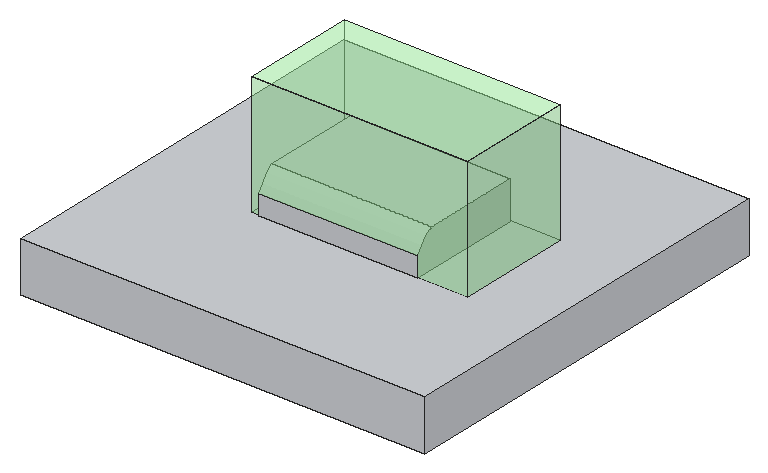
Revit family "RPC_FSN3_1.5_to_6.0_LOD_200", category Equipement de génie climatique, Revit 2016
Family settings
  Hôte = Face
  Type d'élément = Normal
  Cote de connecteur circulaire = Utiliser le diamètre
  Numéro OmniClass = 23.75.70.00
  Titre OmniClass = HVAC Distribution Devices
  Couper avec des vides une fois chargée = Non
  Partagée = Non
  Point de calcul de pièce = Non
Parameters (values of type "RPC FSN3 1.5")
  Usage Current = 5 A
  Sound power max (dB(A)) = 37
  Sound power level (dB(A)) = 53
  Sound power at minimal load (dB(A)) = 28
  Refrigerant = "R410A (factory-charged corrosion-proof nitrogen)"
  Overall Width = 960 mm
  Overall Height = 235 mm
  Overall Depth = 690 mm
  Number of Poles = "1"
  Nominal Voltage = 230 V
  Minimum Air Flow = 9000.0 L/min
  Minimum AC Voltage = 207 V
  Maximum Air Flow = 15000.0 L/min
  Maximum AC Voltage = 253 V
  Mass = 26.00 kg
  Heating Capacity = 4 kW
  Gas distance = 94 mm
  Operation and service space [instance] = yes
  Modèle = "RPC FSN3"
  Liquid pipe Hight = 117 mm
  Frequency = 50 Hz
  Drain pipe Hight = 40 mm
  Gas pipe Hight = 107 mm
  Fan motor type (output) = 50 W
  Fabricant = "HITACHI"
  Default Elevation = 1219.2 mm
  Liquid distance = 146 mm
  Drain distance = 222 mm
  Diamètre Gaz Entrée = 15 mm
  Diamètre Eau Sortie = 25 mm
  Diamètre Eau Entrée = 6 mm
  Cooling Capacity = 3.6 kW
  Color = "Spring white (4.1Y8.5/0.7)"
  BC_OBJECT_ID = "6657"  # constant formula
  Air Flow(HiH/Hi/Me/low) m3/min = "15/13/11/9"
Types (7, lengths in mm): name | Sound power max (dB(A)) | Sound power level (dB(A)) | Sound power at minimal load (dB(A)) | Overall Width | Minimum Air Flow | Maximum Air Flow | Mass | Heating Capacity | Fan motor type (output) | Diamètre Gaz Entrée | Diamètre Eau Entrée | Cooling Capacity | Air Flow(HiH/Hi/Me/low) m3/min
  RPC FSN3 1.5 | 37 | 53 | 28 | 960 | 9000.0 L/min | 15000.0 L/min | 26.00 kg | 4 kW | 50 W | 15 | 6 | 3.6 kW | "15/13/11/9"
  RPC FSN3 2.0 | 38 | 54 | 28 | 960 | 9000.0 L/min | 15000.0 L/min | 27.00 kg | 5.6 kW | 50 W | 18 | 6 | 5 kW | "15/13/11/9"
  RPC FSN3 2.5 | 38 | 54 | 28 | 1270 | 11500.0 L/min | 19000.0 L/min | 35.00 kg | 6.3 kW | 80 W | 18 | 10 | 5.6 kW | "19/16.5/14/11.5"
  RPC FSN3 3.0 | 40 | 56 | 29 | 1270 | 12500.0 L/min | 21000.0 L/min | 35.00 kg | 8 kW | 80 W | 18 | 10 | 7.1 kW | "21/18.5/15.5/12.5"
  RPC FSN3 6.0 | 49 | 65 | 36 | 1580 | 21000.0 L/min | 37000.0 L/min | 41.00 kg | 16 kW | 160 W | 18 | 10 | 14 kW | "37/32.5/27/21"
  RPC FSN3 5.0 | 48 | 64 | 35 | 1580 | 20000.0 L/min | 35000.0 L/min | 41.00 kg | 14 kW | 160 W | 18 | 10 | 12.5 kW | "35/31/25.5/20"
  RPC FSN3 4.0 | 44 | 60 | 32 | 1580 | 17000.0 L/min | 30000.0 L/min | 41.00 kg | 11.2 kW | 160 W | 18 | 10 | 10 kW | "30/26.5/22/17"
Reference planes
  plane 1 "Centre (avant/arrière)": y = 0
  plane 2: z = 0
  plane 3 "Centre (gauche/droite)": x = 0
  plane 4 "AVANT": y = 345
  plane 5 "DROITE": x = 480
  plane 6 "GAUCHE": x = -480
  plane 7 "ARRIERE": y = -345
  plane 8 "Profondeur": z = 235
  plane 9 "A": x = -520
  plane 10 "B": x = 780
  plane 11: y = 353
  plane 12 "L2": z = 735
Forms (mm)
  Extrusion 1, solid
    sketch origin (0, 0, 0) x (1, 0, 0) y (0, 1, 0)
      loop
        line (-1219.2, 1219.2) -> (-1219.2, -1219.2) -> (1219.2, -1219.2) -> (1219.2, 1219.2) -> (-1219.2, 1219.2)
    from 0 to -304.8
  Extrusion 2, solid
    sketch origin (0, 0, 0) x (1, 0, 0) y (0, 1, 0)
      loop
        line (-480, 345) -> (-480, -345) -> (480, -345) -> (480, 345) -> (-480, 345)
    from 0 to 235
  Sweep 3, void
    path in 3D
      loop
        line (-480, -345, 235) -> (480, -345, 235)
    profile origin (0, -345, 235) x (0, 1, 0) y (0, 0, 1)
      loop
        arc (0, -117.5) -> (41.957, -51.905) -> (100, 0) r 287.025
        line (100, 0) -> (0, 0) -> (0, -117.5)
  Extrusion 4, solid
    sketch origin (0, 345, 0) x (-1, 0, 0) y (0, 0, 1)
      loop
        circle (386, 128) r 7.5
      loop
        circle (334, 118) r 3
    from 0 to 10
  Extrusion 5, solid
    sketch origin (0, 345, 0) x (-1, 0, 0) y (0, 0, 1)
      loop
        circle (258, 195) r 12.5
    from 0 to 10
  Extrusion 6, solid, material "Operation and service space", visible <- "Operation and service space"
    sketch origin (0, 0, 0) x (1, 0, 0) y (0, 1, 0)
      loop
        line (-520, 353) -> (-520, -345) -> (780, -345) -> (780, 353) -> (-520, 353)
    from 0 to 735
Cuts and joins
  Sweep 3 cuts Extrusion 2
Lines and regions (mm)
  sketch lines
    curve 1: line (-480, -345, 235) -> (480, -345, 235)
  model lines, style "MechanicalEquipmentHiddenLines", visible <- "Operation and service space"
    curve 2: line (-520, 353, 0) -> (780, 353, 0)
    curve 3: line (-520, -345, 0) -> (-520, 353, 0)
    curve 4: line (780, -345, 0) -> (-520, -345, 0)
    curve 5: line (780, 353, 0) -> (780, -345, 0)
    curve 6: line (-520, 353, 735) -> (780, 353, 735)
    curve 7: line (-520, -345, 735) -> (-520, 353, 735)
    curve 8: line (780, -345, 735) -> (-520, -345, 735)
    curve 9: line (780, 353, 735) -> (780, -345, 735)
    curve 10: line (-520, -345, 735) -> (-520, -345, 0)
    curve 11: line (-520, 353, 735) -> (-520, 353, 0)
    curve 12: line (780, -345, 0) -> (780, -345, 735)
    curve 13: line (780, 353, 735) -> (780, 353, 0)
    curve 14: line (-520, 55, 735) -> (780, 55, 735)
Dimensions and locks
  equal spacing: plane 6 "GAUCHE", plane 3 "Centre (gauche/droite)", plane 5 "DROITE"
  equal spacing: plane 7 "ARRIERE", plane 1 "Centre (avant/arrière)", plane 4 "AVANT"
  "Overall Width": plane 6 "GAUCHE" to plane 5 "DROITE"
  "Overall Depth": plane 4 "AVANT" to plane 7 "ARRIERE"
  "Overall Height": plane 8 "Profondeur" to plane 2
  "Liquid distance": plane 6 "GAUCHE" to Extrusion 4 sketch curve
  "Gas distance": plane 6 "GAUCHE" to Extrusion 4 sketch curve
  "Drain distance": plane 6 "GAUCHE" to Extrusion 5 sketch curve
  "Drain pipe Hight": plane 8 "Profondeur" to Extrusion 5 sketch curve
  "Liquid pipe Hight": Extrusion 4 sketch curve to plane 8 "Profondeur"
  "Gas pipe Hight": Extrusion 4 sketch curve to plane 8 "Profondeur"
  locked: plane 9 "A" to plane 6 "GAUCHE" at 40
  locked: plane 5 "DROITE" to plane 10 "B" at 300
  locked: plane 11 to cut or joined group of Extrusion 2, Sweep 3 at 8
  locked: plane 12 "L2" to cut or joined group of Extrusion 2, Sweep 3 at 500
  locked: plane 7 "ARRIERE" to curve 14 at 400
  "Diamètre Eau Entrée": diameter of Extrusion 4 sketch curve
  "Diamètre Gaz Entrée": diameter of Extrusion 4 sketch curve
  "Diamètre Eau Sortie": diameter of Extrusion 5 sketch curve
  aligned and locked: plane 2 to Extrusion 1
  aligned and locked: level to Extrusion 1
  aligned and locked: Extrusion 2 sketch curve to plane 4 "AVANT"
  aligned and locked: Extrusion 2 sketch curve to plane 6 "GAUCHE"
  aligned and locked: Extrusion 2 sketch curve to plane 7 "ARRIERE"
  aligned and locked: Extrusion 2 sketch curve to plane 5 "DROITE"
  aligned and locked: plane 8 "Profondeur" to Extrusion 2
  aligned and locked: curve 2 to plane 11
  aligned and locked: plane 9 "A" to curve 3
  aligned and locked: curve 4 to plane 7 "ARRIERE"
  aligned and locked: curve 5 to plane 10 "B"
  aligned and locked: Extrusion 6 sketch curve to curve 2
  aligned and locked: Extrusion 6 sketch curve to curve 3
  aligned and locked: Extrusion 6 sketch curve to curve 4
  aligned and locked: Extrusion 6 sketch curve to curve 5
  aligned and locked: plane 12 "L2" to Extrusion 6
Automatic sketch dimensions
  Extrusion 1 sketch curve to Extrusion 1 sketch curve = 2438.4 mm  (x2)
  Sweep 3 sketch curve to profile plane = 0 mm  (x2)
  Sweep 3 sketch curve to profile plane = 260.537 mm
  Sweep 3 sketch curve to profile plane = 237.931 mm
  Sweep 3 sketch curve to profile plane = 100 mm
  curve 9 to plane 10 "B" = 0 mm
  plane 7 "ARRIERE" to curve 8 = 0 mm
  curve 7 to plane 9 "A" = 0 mm
  curve 7 to plane 11 = 0 mm
  curve 10 to level = 0 mm
  curve 10 to plane 7 "ARRIERE" = 0 mm
  curve 11 to level = 0 mm
  curve 11 to plane 11 = 0 mm
  curve 11 to plane 12 "L2" = 0 mm
  curve 10 to plane 12 "L2" = 0 mm
  curve 12 to plane 7 "ARRIERE" = 0 mm
  curve 13 to level = 0 mm
  curve 13 to plane 11 = 0 mm
  curve 12 to level = 0 mm
  curve 13 to plane 12 "L2" = 0 mm
  curve 12 to plane 12 "L2" = 0 mm
Connectors
  piping at (-386, 355, 128), diameter 15, driven by "Diamètre Gaz Entrée"
    settings: on Extrusion 4, index 1, connector inside diameter 609.6 mm, connector length 0 mm, flow factor 0, pipe flow 0.0 L/s, pressure drop 0.0 Pa, fitting loss kfactor 0, connector angle 0.00°, fixture units 0, engagement length 0 mm, angle of deflection 0.00°, flow configuration 0, flow direction 0, fitting loss method 0, system type 29, joint type 0, gender type 0, connector reference index -1, connector utility 0, adjustable connector no, is connector primary yes, connector description ""
  piping at (-334, 355, 118), diameter 6, driven by "Diamètre Eau Entrée"
    settings: on Extrusion 4, index 2, connector inside diameter 609.6 mm, connector length 0 mm, flow factor 0, pipe flow 0.0 L/s, pressure drop 0.0 Pa, fitting loss kfactor 0, connector angle 0.00°, fixture units 0, engagement length 0 mm, angle of deflection 0.00°, flow configuration 0, flow direction 0, fitting loss method 0, system type 29, joint type 0, gender type 0, connector reference index -1, connector utility 0, adjustable connector no, is connector primary no, connector description ""
  piping at (-258, 355, 195), diameter 25, driven by "Diamètre Eau Sortie"
    settings: on Extrusion 5, index 3, connector inside diameter 609.6 mm, connector length 0 mm, flow factor 0, pipe flow 0.0 L/s, pressure drop 0.0 Pa, fitting loss kfactor 0, connector angle 0.00°, fixture units 0, engagement length 0 mm, angle of deflection 0.00°, flow configuration 0, flow direction 2, fitting loss method 0, system type 16, joint type 0, gender type 0, connector reference index -1, connector utility 0, adjustable connector no, is connector primary no, connector description ""
  electrical at (0, 345, 117.5), driven by "Nominal Voltage"
    settings: on cut or joined group of Extrusion 2, Sweep 3, index 4, voltage 230 V, apparent load 0 VA, apparent load phase1 0 VA, apparent load phase2 0 VA, apparent load phase3 0 VA, power factor 1, load classification "Autre", number of poles 1, system type 31, power factor state 1, is connector primary yes, connector utility no, sub classification motor no, connector description ""
